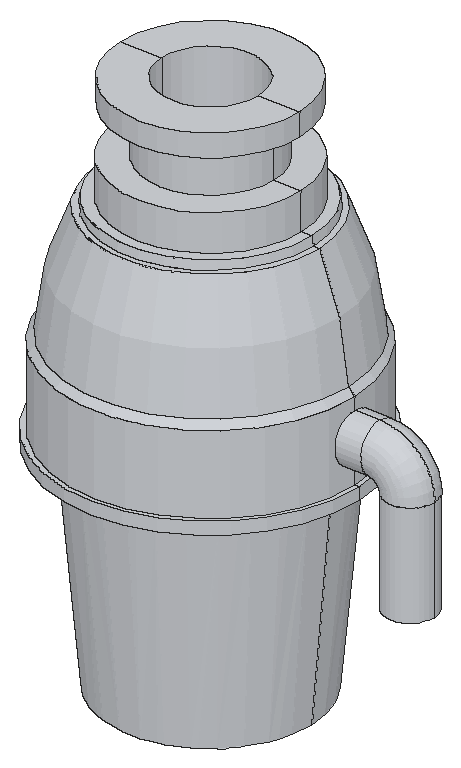
Revit family
Parameters (values of type "Model 2600")
  Waste Outlet Radius = Waste Outlet Diameter / 2  # 20 mm
  Waste Outlet Diameter = 40 mm
  Waste Inlet Radius = Waste Inlet Diameter / 2  # 40 mm
  Waste Inlet Diameter = 80 mm
  Voltage = 220 V
  URL = "http://www.autospec.co.za/browse.php?id=1644179285"
  Product Code = "WW 2600"
  Power = 520 W
  OmniClass Title = ""
  OmniClass Number = ""
  Motor Speed = "2600 R.P.M"
  Motor Horsepower = "1/2 Hp"
  Modspec Classification = ""
  Specification = ""
  Material = none
  Location (revit room) = ""
  Model = "Domestic Food Waste Disposer WW - 2600"
  Manufacturer = "Kwikot"  # constant formula
  Frequency = 50 Hz
  Current = 2.25 A
  Colour = none
  Body Finish = none
  Assembly Code = "E1090200"
Reference planes
  plane 1 "Center (Front/Back)": y = 0
  plane 2: z = 0
  plane 3 "Center (Left/Right)": x = 0
Forms (mm)
  Revolve 1, solid
    sketch origin (0, 0, 0) x (1, 0, 0) y (0, 0, 1)
      loop
        line (40, 0) -> (40, -88.5) -> (75, -88.5) -> (75, -58.5) -> (52, -58.5) -> (52, -18.5) -> (74, -18.5) -> (74, 0) -> (40, 0)
      axis (0, -88.5) -> (0, 0)
    angle from 0 to 360
  Sweep 2, solid
    path origin (0, 0, 0) x (1, 0, 0) y (0, 0, 1)
      loop
        line (119, -225) -> (140, -225)
        arc (140, -225) -> (157.678, -232.322) -> (165, -250) r 25
        line (165, -250) -> (165, -335)
    profile origin (129.5, 0, -225) x (0, 0, 1) y (0, -1, 0)
      loop
        circle (0, 0) r 20
  Extrusion 3, void
    sketch origin (0, 0, 0) x (0, -1, 0) y (0, 0, 1)
      loop
        line (-15, -450) -> (15, -450) -> (15, -420)
        arc (15, -420) -> (0, -405) -> (-15, -420) r 15
        line (-15, -420) -> (-15, -450)
    from 50 to 125
  Revolve 4, solid
    sketch origin (0, 0, 0) x (1, 0, 0) y (0, 0, 1)
      loop
        line (84, -88.5) -> (0, -88.5) -> (0, -450) -> (83.337, -450) -> (100, -270) -> (123, -270) -> (123, -260) -> (119, -260) -> (119, -195) -> (114.25, -189)
        arc (114.25, -189) -> (106.878, -141.017) -> (90, -95.5) r 240
        line (90, -95.5) -> (85, -95.5) -> (84, -88.5)
      axis (0, -450) -> (0, -88.5)
    angle from 0 to 360
Cuts and joins
  Extrusion 3 cuts Revolve 1
  Extrusion 3 cuts Revolve 4
Lines and regions (mm)
  symbolic lines
    curve 1: arc (52, 0, 0) -> (0, 52, 0) -> (-52, 0, 0) r 52
    curve 2: arc (-52, 0, 0) -> (0, -52, 0) -> (52, 0, 0) r 52
    curve 3: arc (165, 20, 0) -> (145, 0, 0) -> (165, -20, 0) r 20
    curve 4: arc (165, -20, 0) -> (185, 0, 0) -> (165, 20, 0) r 20
    curve 5: arc (74, 0, 0) -> (0, 74, 0) -> (-74, 0, 0) r 74
    curve 6: arc (-74, 0, 0) -> (0, -74, 0) -> (74, 0, 0) r 74
    curve 7: arc (-84, 0, 0) -> (0, 84, 0) -> (84, 0, 0) r 84
    curve 8: arc (84, 0, 0) -> (0, -84, 0) -> (-84, 0, 0) r 84
    curve 9: arc (-90, 0, 0) -> (0, 90, 0) -> (90, 0, 0) r 90
    curve 10: arc (90, 0, 0) -> (0, -90, 0) -> (-90, 0, 0) r 90
    curve 11: arc (-100, 0, 0) -> (0, 100, 0) -> (100, 0, 0) r 100
    curve 12: arc (100, 0, 0) -> (0, -100, 0) -> (-100, 0, 0) r 100
    curve 13: arc (-114.25, 0, 0) -> (0, 114.25, 0) -> (114.25, 0, 0) r 114.25
    curve 14: arc (114.25, 0, 0) -> (0, -114.25, 0) -> (-114.25, 0, 0) r 114.25
    curve 15: arc (119, 0, 0) -> (0, 119, 0) -> (-119, 0, 0) r 119
    curve 16: arc (-119, 0, 0) -> (0, -119, 0) -> (119, 0, 0) r 119
    curve 17: arc (123, 0, 0) -> (0, 123, 0) -> (-123, 0, 0) r 123
    curve 18: arc (-123, 0, 0) -> (0, -123, 0) -> (123, 0, 0) r 123
    curve 19: line (165, 20, 0) -> (121.363, 20, 0)
    curve 20: line (165, -20, 0) -> (121.363, -20, 0)
    curve 21: arc (-40, 0, 0) -> (0, -40, 0) -> (40, 0, 0) r 40
    curve 22: arc (40, 0, 0) -> (0, 40, 0) -> (-40, 0, 0) r 40
Dimensions and locks
  plane 3 "Center (Left/Right)" to Revolve 1 sketch curve = 74 mm
  plane 3 "Center (Left/Right)" to Revolve 1 sketch curve = 52 mm
  plane 3 "Center (Left/Right)" to Revolve 1 sketch curve = 75 mm
  Revolve 1 sketch curve to plane 3 "Center (Left/Right)" = 75 mm
  Sweep 2 sketch curve to plane 3 "Center (Left/Right)" = 119 mm
  Extrusion 3 sketch curve to plane 1 "Center (Front/Back)" = 15 mm
  "Waste Inlet Radius": Revolve 1 sketch curve to plane 3 "Center (Left/Right)"
  "Waste Outlet Radius": radius of Sweep 2 sketch curve
  aligned and locked: level to plane 2
  aligned and locked: Revolve 1 sketch curve to level
  aligned and locked: plane 3 "Center (Left/Right)" to Revolve 1 sketch curve
  aligned and locked: profile plane to Sweep 2 sketch curve  (x2)
  aligned: curve 1 to Revolve 1
  aligned and locked: curve 2 to Revolve 1
  aligned and locked: curve 3 to Sweep 2
  aligned: curve 4 to Sweep 2
  aligned: Extrusion 3 sketch curve to Revolve 1
  aligned and locked: Revolve 4 sketch curve to cut or joined group of Revolve 1, Extrusion 3
  aligned: Revolve 4 sketch curve to cut or joined group of Revolve 1, Extrusion 3
  aligned and locked: plane 3 "Center (Left/Right)" to Revolve 4 sketch curve
  aligned and locked: curve 5 to cut or joined group of Revolve 1, Extrusion 3
  aligned and locked: curve 6 to cut or joined group of Revolve 1, Extrusion 3
  aligned and locked: curve 7 to cut or joined group of Extrusion 3, Revolve 4
  aligned and locked: curve 8 to cut or joined group of Extrusion 3, Revolve 4
  aligned and locked: curve 9 to cut or joined group of Extrusion 3, Revolve 4
  aligned and locked: curve 10 to cut or joined group of Extrusion 3, Revolve 4
  aligned and locked: curve 11 to cut or joined group of Extrusion 3, Revolve 4
  aligned and locked: curve 12 to cut or joined group of Extrusion 3, Revolve 4
  aligned and locked: curve 13 to cut or joined group of Extrusion 3, Revolve 4
  aligned and locked: curve 14 to cut or joined group of Extrusion 3, Revolve 4
  aligned and locked: curve 15 to cut or joined group of Extrusion 3, Revolve 4
  aligned and locked: curve 16 to cut or joined group of Extrusion 3, Revolve 4
  aligned and locked: curve 17 to cut or joined group of Extrusion 3, Revolve 4
  aligned and locked: curve 18 to cut or joined group of Extrusion 3, Revolve 4
  aligned and locked: curve 21 to cut or joined group of Revolve 1, Extrusion 3
  aligned and locked: curve 22 to cut or joined group of Revolve 1, Extrusion 3
Automatic sketch dimensions
  Sweep 2 sketch curve to Sweep 2 sketch curve = 21 mm
  Sweep 2 sketch curve to Sweep 2 sketch curve = 25 mm
  Sweep 2 sketch curve to level = 335 mm
  Sweep 2 sketch curve to Sweep 2 sketch curve = 85 mm
  Revolve 1 sketch curve to level = 18.5 mm
  Revolve 1 sketch curve to Revolve 1 sketch curve = 40 mm
  Revolve 1 sketch curve to Revolve 1 sketch curve = 30 mm
  level to Revolve 1 sketch curve = 84.5 mm
  Revolve 1 sketch curve to Revolve 1 sketch curve = 452 mm
Connectors
  electrical at (-50, 0, -438), driven by "Voltage", driven by "Power"
    settings: on cut or joined group of Revolve 1, Extrusion 3, index 1, voltage 220 V, apparent load 0 W, apparent load phase1 520 W, apparent load phase2 0 W, apparent load phase3 0 W, power factor 1, load classification "Other", number of poles 1, system type 31, power factor state 1, is connector primary yes, connector utility no, sub classification motor no, connector description ""
  piping at (0, 0, 0), driven by "Waste Inlet Radius"
    settings: on cut or joined group of Revolve 1, Extrusion 3, index 2, connector radius 40 mm, flow factor 0, pipe flow 0.0 L/s, pressure drop 0.0 Pa, fitting loss kfactor 0, connector angle 0.00°, fixture units 0, flow configuration 0, flow direction 1, fitting loss method 0, system type 22, connector reference index -1, connector utility 0, adjustable connector no, is connector primary yes, fitting loss table "", connector description "Waste Inlet"
  piping at (165, 0, -335), driven by "Waste Outlet Radius"
    settings: on Sweep 2, index 3, connector radius 20 mm, flow factor 0, pipe flow 0.0 L/s, pressure drop 0.0 Pa, fitting loss kfactor 0, connector angle 0.00°, fixture units 0, flow configuration 0, flow direction 2, fitting loss method 0, system type 16, connector reference index -1, connector utility 0, adjustable connector no, is connector primary no, fitting loss table "", connector description "Waste Outlet"
